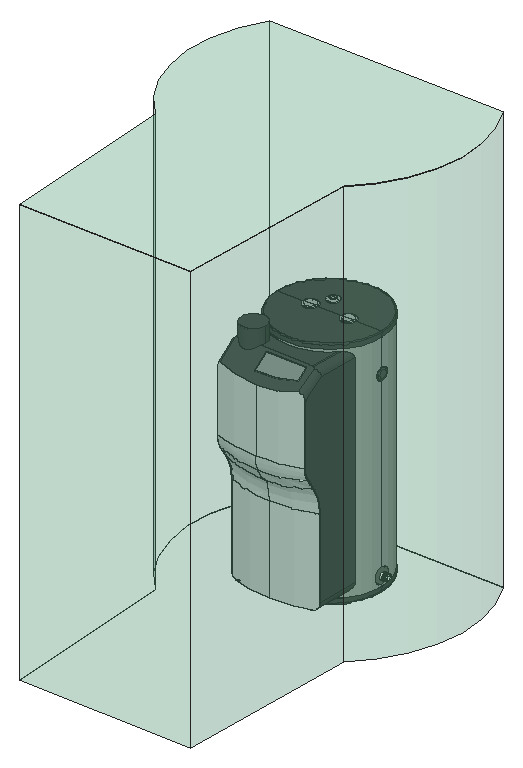
Revit family "Innovo FR_IR 12 200 FR NAT", category Mechanical Equipment, Revit 2015
Parameters (values of type "IR-12-200 FR NAT")
  largeur d'emballage = 786 mm  # constant formula
  l'Intervalle d'Entretien = "12 mois"  # constant formula
  Workspace Radius = Diameter + 170 mm  # 730 mm
  Workspace Height = Hauteur + 1000 mm  # 2270 mm
  Workspace Front Distance = 1000 mm
  Workspace [instance] = yes
  Valve Height 02 = if(and(Hauteur = 1745 mm, Diameter = 675 mm), 1518 mm, if(and(Hauteur = 1745 mm, Diameter = 610 mm), 1534 mm, if(Hauteur = 1545 mm, 1328 mm, 1070 mm)))  # 1070 mm
  Valve Height 01 = if(and(Diameter > 560 mm), 693 mm, 604 mm)  # 604 mm
  Valeur Maximale du Thermostat de Régulation = 85 °C  # constant formula
  Valeur Manimale du Thermostat de Régulation = 40 °C  # constant formula
  Valeur Défaut du Thermostat de Régulation = 65 °C  # constant formula
  URL = "www.aosmith.fr"
  Type d'Installation = "B23/C13/C33/C43/C53/C63"  # constant formula
  Type d'emballage = "Carton et bois"  # constant formula
  Tension d'Alimentation (-15%, +10%) = 230 V  # constant formula
  Température Maximale des Fumées = 61 °C
  Temps de réchauffement à ΔT = 70°C = "27"
  Temps de réchauffement à ΔT = 55°C = "21"
  Temps de réchauffement à ΔT = 50°C = "19"
  Temps de réchauffement à ΔT = 44°C = "17"
  Temps de réchauffement à ΔT = 28°C = "11"
  Spécifications du Produit = ""
  Réglages du thermostat du chauffe-eau = 65 °C  # constant formula
  Réglage Standard Pour = "G31"
  Rendement Saisonnier (Hs) = [Rendement (Hs, acc. NEN-EN 89 - 1999)]  # 95
  Rendement (Hs, acc. NEN-EN 89 - 1999) = 95
  Rendement (Hi, acc. NEN-EN 89 - 1999) = 106
  Raccord Évacuation de la Condensation = 40 mm  # constant formula
  Raccord de la Soupape de Vidange = 3/4"
  Raccord de Sortie d'Eau Chaude = 3/4"
  Raccord de Gaz = 15"  # constant formula
  Raccord d'Alimentation en Eau Froide = 3/4"  # constant formula
  Raccord Robinet de Vidange = 3/4"  # constant formula
  Puissance Électrique Absorbée (sommet) = 85 W
  Puissance Électrique Absorbée (nominal) = 36 W
  Profondeur d'emballage = 946 mm  # constant formula
  Profondeur = 780 mm  # constant formula
  Profils de soutirage déclaré = "XL"
  Production Nominale = "18700.0"
  Pression de Fonctionnement Maximale = 800000.0 Pa  # constant formula
  Pression Différentielle d'Ouverture de l'Interrupteur de Pression < = 115.0 Pa
  Pression Amont de Gaz = "3700 Pa"
  Precaustions during assembling, installation or maintenance = "voir Manuel d'installation, d'emploi er d'entretien"  # constant formula
  Poids à vide = 95 kg
  Poids de Transport = 114 kg
  Phase = 1
  Pertes en Veille - tous les jours (24h) = 0 W
  Pertes en Veille = 0 W
  Nombre de modèle du produit (EAN) = "8717449286040"
  Niveau du Son dB (A) = "<45"  # constant formula
  Niveau de puissance acoustique à l'intérieur = "52 dB"
  NOx-émissions mg/kWh = "30"
  NOx-émissions (ven air, 0% O2) ppm = "18"
  Modèdele = "IR-20-160"
  Model = "IR-20-160 FR LP"
  Marque commerciale = "A.O. Smith"  # constant formula
  Manufacturer = "A.O. Smith Water Products Company b.v."  # constant formula
  Largeur = Diameter  # 560 mm
  La commande intelligente = no
  L'efficacité énergétique pour le chauffage de l'eau (2) = "-"
  L'efficacité énergétique pour le chauffage de l'eau (1) = "92%"
  Hauteur du Raccordement au Gaz = 860 mm
  Hauteur de la Sortie d'eau Chaude = 1270 mm
  Hauteur de l'Alimentation en eau Froide = 170 mm
  Hauteur d'emballage = 1465 mm
  Hauteur Conduit d'Évacuation des Fumées = 1295 mm
  Hauteur Conduit d'Alimentation en Air = 1295 mm
  Hauteur = 1270 mm
  Guide de Produit = ""
  Garantie sur la Cuve = "36 mois"  # constant formula
  Garantie Pièces = "12 mois"  # constant formula
  Fréquence secteur = 50 Hz  # constant formula
  Forctionner qu'en heures creuses = no
  Fabricant No. = "E 7110"  # constant formula
  Epaisseur d'Isolation = 50 mm
  Débit de vidage à ΔT = 70°C après 90 min. = 410.0 L
  Débit de vidage à ΔT = 70°C après 60 min. = 290.0 L
  Débit de vidage à ΔT = 70°C après 30 min. = 170.0 L
  Débit de vidage à ΔT = 70°C après 120 min. = 520.0 L
  Débit de vidage à ΔT = 55°C après 90 min. = 540.0 L
  Débit de vidage à ΔT = 55°C après 60 min. = 390.0 L
  Débit de vidage à ΔT = 55°C après 30 min. = 240.0 L
  Débit de vidage à ΔT = 55°C après 120 min. = 700.0 L
  Débit de vidage à ΔT = 50°C après 90 min. = 600.0 L
  Débit de vidage à ΔT = 50°C après 60 min. = 440.0 L
  Débit de vidage à ΔT = 50°C après 30 min. = 270.0 L
  Débit de vidage à ΔT = 50°C après 120 min. = 770.0 L
  Débit de vidage à ΔT = 44°C après 90 min. = 690.0 L
  Débit de vidage à ΔT = 44°C après 60 min. = 510.0 L
  Débit de vidage à ΔT = 44°C après 30 min. = 320.0 L
  Débit de vidage à ΔT = 44°C après 120 min. = 880.0 L
  Débit de vidage à ΔT = 28°C après 90 min. = 1200.0 L
  Débit de vidage à ΔT = 28°C après 60 min. = 820.0 L
  Débit de vidage à ΔT = 28°C après 30 min. = 530.0 L
  Débit de vidage à ΔT = 28°C après 120 min. = 1500.0 L
  Débit de vidage en Continu à ΔT = 70°C = 240.0 L/s
  Débit de vidage en Continu à ΔT = 55°C = 300.0 L/s
  Débit de vidage en Continu à ΔT = 50°C = 330.0 L/s
  Débit de vidage en Continu à ΔT = 44°C = 380.0 L/s
  Débit de vidage en Continu à ΔT = 28°C = 590.0 L/s
  Diamètre Cheminée - Système Parallèle = "2x80"  # constant formula
  Diamètre Cheminée - Système Concentrique = "80/125 mm/mm"  # constant formula
  Diamètre Cheminée - Boiler = "80/125 mm/mm"  # constant formula
  Diameter = 560 mm
  Destination / Country = "France"  # constant formula
  Description = "Préparateur ECS Solaire en Combinaison avec Réservoir de Stockage"  # constant formula
  D'autres profils de soutirage = "-"
  Created By = "http://www.cadcompany.nl/"
  Consommation de Gaz - Volume ltr/hr = "a/p"
  Consommation de Gaz - Masse kg/h = "1.40"
  Class d'efficacité énergétique (2) = "-"
  Class d'efficacité énergétique (1) = "A"  # constant formula
  Charge Nominale (Valeur Supérieure) = "19600.0"
  Charge Nominale (Valeur Inférieure) = "18000.0"
  Charge Maximale au Sol = 274 kg
  Catégorie de Gaz = "II2Esi3P"  # constant formula
  Capacité = 160.0 L
  CO2 Émissions (tol. +/- 1.0) vol% = "10"
  CE-PIN = "0063CQ3037"  # constant formula
  BIM Content Developer = "CAD & Company"  # constant formula
  Assembly Code = "D3010"
  Annual fuel consumption (2) = "-"
  Annual fuel consumption (1) = "16 GJ GCV"
  Annual electricity consumption (2) = "-"
  Annual electricity consumption (1) = "37 kWh"
  2ème Entretien (Entretien Général) = "12 mois après l'installation"  # constant formula
  1er Entretien (check-up) = "3 mois après l'installation"  # constant formula
Reference planes
  plane 1 "Center (Front/Back)": y = 0
  plane 2: z = 0
  plane 3 "Center (Left/Right)": x = 0
  plane 4 "Pipe": through (-383.901, 912.349, 194.799) normal (-0.0879, -0.0879, 0.9923)
  plane 5 "footing": y = 118.925
  plane 6 "footing front": y = -237.85
  plane 7: x = -280
  plane 8: x = 280
  plane 9: z = 1270
Forms (mm)
  Revolve 1, solid, material "RAL 9005", detail levels medium+fine
    sketch origin (0, -237.85, 0) x (-1, 0, 0) y (0, 0, 1)
      loop
        line (0, 28.9) -> (-15, 28.9) -> (-15, 26.4) -> (-8.671, 26.4) -> (-8.671, 18) -> (-5.686, 18) -> (-6.626, 17.06) -> (-6.626, 12.06) -> (-8.671, 12.06) -> (-8.671, 10) -> (-10.031, 10) -> (-23.271, 5.181)
        arc (-23.271, 5.181) -> (-23.763, 4.836) -> (-24.017, 4.293) r 1.159
        line (-24.017, 4.293) -> (-24.017, 1.03)
        arc (-24.017, 1.03) -> (-23.715, 0.302) -> (-22.986, 0) r 1.03
        line (-22.986, 0) -> (0, 0) -> (0, 28.9)
      axis (0, 28.9) -> (0, 0)
    angle from 0 to 360
  Revolve 2, solid, material "RAL 9005", detail levels medium+fine
    sketch origin (0, 118.925, 0) x (-1, 0, 0) y (0, 0, 1)
      loop
        line (-180.984, 28.9) -> (-195.984, 28.9) -> (-195.984, 26.4) -> (-189.655, 26.4) -> (-189.655, 18) -> (-186.67, 18) -> (-187.61, 17.06) -> (-187.61, 12.06) -> (-189.655, 12.06) -> (-189.655, 10) -> (-191.015, 10) -> (-204.256, 5.181)
        arc (-204.256, 5.181) -> (-204.747, 4.836) -> (-205.001, 4.293) r 1.159
        line (-205.001, 4.293) -> (-205.001, 1.03)
        arc (-205.001, 1.03) -> (-204.699, 0.302) -> (-203.971, 0) r 1.03
        line (-203.971, 0) -> (-180.984, 0) -> (-180.984, 28.9)
      axis (-180.984, 28.9) -> (-180.984, 0)
    angle from 0 to 360
  Revolve 3, solid, material "RAL 9005", detail levels medium+fine
    sketch origin (0, 118.925, 0) x (-1, 0, 0) y (0, 0, 1)
      loop
        line (179.016, 28.9) -> (164.016, 28.9) -> (164.016, 26.4) -> (170.345, 26.4) -> (170.345, 18) -> (173.33, 18) -> (172.39, 17.06) -> (172.39, 12.06) -> (170.345, 12.06) -> (170.345, 10) -> (168.985, 10) -> (155.744, 5.181)
        arc (155.744, 5.181) -> (155.253, 4.836) -> (154.999, 4.293) r 1.159
        line (154.999, 4.293) -> (154.999, 1.03)
        arc (154.999, 1.03) -> (155.301, 0.302) -> (156.029, 0) r 1.03
        line (156.029, 0) -> (179.016, 0) -> (179.016, 28.9)
      axis (179.016, 28.9) -> (179.016, 0)
    angle from 0 to 360
Lines and regions (mm)
  symbolic lines
    curve 1: line (0, 280.06, 0) -> (0, -280.06, 0)
    curve 2: line (-255.06, 0, 0) -> (255.06, 0, 0)
  symbolic lines, style "Workspace"
    curve 3: line (623.261, 380.06, 0) -> (-623.261, 380.06, 0)
    curve 4: arc (-623.261, 380.06, 0) -> (-726.942, -66.745, 0) -> (-543.632, -487.2, 0) r 730
    curve 5: line (-543.632, -487.2, 0) -> (-396.783, -1492.825, 0)
    curve 6: line (-396.783, -1492.825, 0) -> (399.03, -1492.825, 0)
    curve 7: line (399.03, -1492.825, 0) -> (545.76, -484.816, 0)
    curve 8: arc (545.76, -484.816, 0) -> (727.087, -65.154, 0) -> (623.261, 380.06, 0) r 730
Dimensions and locks
  plane 5 "footing" to plane 1 "Center (Front/Back)" = 118.925 mm
  plane 1 "Center (Front/Back)" to plane 6 "footing front" = 237.85 mm
  "Diameter": plane 7 to plane 8
  equal spacing: plane 7, plane 3 "Center (Left/Right)", plane 8
  "Hauteur": plane 9 to plane 2
  "Workspace Front Distance": curve 6 to nested 3
  "Workspace Radius": radius of curve 4
  "Workspace Radius": radius of curve 8
  aligned and locked: level to plane 2
  aligned and locked: nested 3 to Revolve 1 sketch curve
  aligned and locked: plane 3 "Center (Left/Right)" to Revolve 1 sketch curve
  aligned and locked: nested 3 to plane 1 "Center (Front/Back)"
  aligned and locked: plane 3 "Center (Left/Right)" to nested 3
  aligned and locked: nested 1 to plane 8
  aligned and locked: nested 5 to plane 8
  aligned and locked: nested 2 to plane 7
  aligned and locked: nested 4 to plane 7
  aligned and locked: nested 7 to plane 7
  aligned and locked: nested 8 to plane 3 "Center (Left/Right)"
  aligned and locked: nested 8 to nested 3
  aligned and locked: curve 3 to nested 8
Automatic sketch dimensions
  Revolve 1 sketch curve to level = 0 mm
  plane 3 "Center (Left/Right)" to Revolve 1 sketch curve = 5.686 mm
  Revolve 1 sketch curve to Revolve 1 sketch curve = 0.94 mm  (x2)
  Revolve 1 sketch curve to Revolve 1 sketch curve = 2.046 mm  (x2)
  Revolve 1 sketch curve to Revolve 1 sketch curve = 1.359 mm
  Revolve 1 sketch curve to Revolve 1 sketch curve = 6.329 mm
  level to Revolve 1 sketch curve = 4.091 mm
  Revolve 1 sketch curve to Revolve 1 sketch curve = 12.844 mm
  level to Revolve 1 sketch curve = 1.03 mm
  Revolve 1 sketch curve to Revolve 1 sketch curve = 0.111 mm
  level to Revolve 1 sketch curve = 5.181 mm
  Revolve 1 sketch curve to Revolve 1 sketch curve = 0.745 mm
  level to Revolve 1 sketch curve = 10 mm
  Revolve 1 sketch curve to Revolve 1 sketch curve = 2.06 mm
  Revolve 1 sketch curve to Revolve 1 sketch curve = 5 mm
  Revolve 1 sketch curve to Revolve 1 sketch curve = 8.4 mm
  Revolve 1 sketch curve to Revolve 1 sketch curve = 2.5 mm
  Revolve 1 sketch curve to level = 19.635 mm
  Revolve 1 sketch curve to Revolve 1 sketch curve = 46.465 mm
  Revolve 2 sketch curve to level = 0 mm
  level to Revolve 2 sketch curve = 1.03 mm
  Revolve 2 sketch curve to plane 8 = 74.999 mm
  level to Revolve 2 sketch curve = 5.181 mm
  Revolve 2 sketch curve to Revolve 2 sketch curve = 0.745 mm
  Revolve 2 sketch curve to Revolve 2 sketch curve = 0.397 mm
  Revolve 2 sketch curve to Revolve 2 sketch curve = 8.271 mm
  Revolve 2 sketch curve to Revolve 2 sketch curve = 13.241 mm
  Revolve 2 sketch curve to Revolve 2 sketch curve = 1.359 mm
  Revolve 2 sketch curve to Revolve 2 sketch curve = 6.329 mm
  Revolve 2 sketch curve to Revolve 2 sketch curve = 2.046 mm
  level to Revolve 2 sketch curve = 18 mm
  Revolve 2 sketch curve to Revolve 2 sketch curve = 0.94 mm  (x2)
  Revolve 2 sketch curve to Revolve 2 sketch curve = 8.671 mm
  Revolve 2 sketch curve to Revolve 2 sketch curve = 1.089 mm
  Revolve 2 sketch curve to Revolve 2 sketch curve = 8 mm
  Revolve 2 sketch curve to Revolve 2 sketch curve = 2.06 mm
  Revolve 2 sketch curve to Revolve 2 sketch curve = 8.4 mm
  Revolve 2 sketch curve to Revolve 2 sketch curve = 2.5 mm
  Revolve 2 sketch curve to Revolve 2 sketch curve = 0 mm
  Revolve 2 sketch curve to level = 19.635 mm
  Revolve 2 sketch curve to Revolve 2 sketch curve = 46.465 mm
  Revolve 3 sketch curve to level = 0 mm
  level to Revolve 3 sketch curve = 1.03 mm
  Revolve 3 sketch curve to plane 7 = 125.001 mm
  level to Revolve 3 sketch curve = 5.181 mm
  Revolve 3 sketch curve to Revolve 3 sketch curve = 0.745 mm
  Revolve 3 sketch curve to Revolve 3 sketch curve = 0.397 mm
  Revolve 3 sketch curve to Revolve 3 sketch curve = 8.271 mm
  Revolve 3 sketch curve to Revolve 3 sketch curve = 13.241 mm
  Revolve 3 sketch curve to Revolve 3 sketch curve = 1.359 mm
  Revolve 3 sketch curve to Revolve 3 sketch curve = 6.329 mm
  Revolve 3 sketch curve to Revolve 3 sketch curve = 2.046 mm
  level to Revolve 3 sketch curve = 18 mm
  Revolve 3 sketch curve to Revolve 3 sketch curve = 0.94 mm  (x2)
  Revolve 3 sketch curve to Revolve 3 sketch curve = 8.671 mm
  Revolve 3 sketch curve to Revolve 3 sketch curve = 1.089 mm
  Revolve 3 sketch curve to Revolve 3 sketch curve = 8 mm
  Revolve 3 sketch curve to Revolve 3 sketch curve = 2.06 mm
  Revolve 3 sketch curve to Revolve 3 sketch curve = 8.4 mm
  Revolve 3 sketch curve to Revolve 3 sketch curve = 2.5 mm
  Revolve 3 sketch curve to Revolve 3 sketch curve = 0 mm
  Revolve 3 sketch curve to level = 19.635 mm
  Revolve 3 sketch curve to Revolve 3 sketch curve = 46.465 mm
  curve 4 to curve 8 = 0 mm  (x2)
  plane 1 "Center (Front/Back)" to curve 2 = 0 mm
  curve 1 to plane 3 "Center (Left/Right)" = 0 mm
  plane 1 "Center (Front/Back)" to curve 4 = 0 mm
  curve 4 to plane 3 "Center (Left/Right)" = 0 mm
  curve 5 to plane 6 "footing front" = 249.35 mm
  plane 7 to curve 5 = 116.783 mm
  plane 8 to curve 7 = 119.03 mm
  curve 7 to plane 6 "footing front" = 246.966 mm
  curve 2 to plane 7 = 24.94 mm
  curve 2 to plane 8 = 24.94 mm
  curve 1 to plane 6 "footing front" = 42.21 mm
  plane 5 "footing" to curve 1 = 161.135 mm
Nested families
  nested 1: "Valve" at (280, -0.38, 1070) x (0, 1, 0) z (0, 0, 1), built-in parameter 1001364 <- "Valve Height 02", type "Valve"
  nested 2: "Drain Valve" at (-280, 0, 1070), built-in parameter 1001364 <- "Valve Height 02", type "Drain Valve"
  nested 3: "Housing Mother Housing S 57 (external)" at (0, -274.886, 0), type "Housing Mother_Housing S_57"
  nested 4: "Drain Valve" at (-280, 0, 177), type "Drain Valve"
  nested 5: "Drain Valve" at (280, 0, 107) x (-1, 0, 0) z (0, 0, 1), type "Drain Valve"
  nested 6: "Boiler" at (0, 0, 0), height <- "Hauteur", type "Boiler"
    with height 1270 mm
  nested 7: "Drain Valve" at (-280, 0, 604), built-in parameter 1001364 <- "Valve Height 01", type "Drain Valve"
  nested 8: "Innovo_workspace" at (0, 0, 0), Workspace Distance Front <- "Workspace Front Distance", Workspace <- "Workspace", Workspace Height <- "Workspace Height", Workspace Radius <- "Workspace Radius", type "Workspace"
    with Workspace Radius 730 mm, Workspace Height 2270 mm, Workspace Distance Front 1000 mm, Workspace yes, Center to Front 492.825 mm
Connectors
  piping at (314.826, 0, 107), diameter 19.05, driven by "Raccord Robinet de Vidange"
    settings: on nested 5, index 1, connector inside diameter 24", connector length 0 mm, flow factor 0, pipe flow 0.0 L/s, pressure drop 0.0 Pa, fitting loss kfactor 0, connector angle 0.00°, fixture units 0, engagement length 0 mm, angle of deflection 0.00°, flow configuration 0, flow direction 0, fitting loss method 0, system type 19, joint type 0, gender type 0, connector reference index -1, connector utility 0, adjustable connector no, is connector primary yes, connector description ""
  hvac at (-147.013, -321.326, 1310.674)
    settings: on nested 3, index 2, duct flow 0.0 L/s, flow factor 0, pres drop 0.0 Pa, loss coef 0, conn angle 0.00°, conn width 304.8 mm, conn height 304.8 mm, conn diameter 125 mm, duct sys type 4, conn prof type 0, flow config 0, flow direction 0, loss method 0, conn ref index -1, conn util no, is conn primary yes, conn desc ""
Definition of nested family "Valve"
  Parameters (values of type "Valve")
    Type Comments = "T&P valve (internal)"
    Manufacturer = "A.O. Smith"
  Reference planes
    plane 1 "Center (Front/Back)": y = 0
    plane 2: z = 0
    plane 3 "Center (Left/Right)": x = 0
  Forms (mm)
    Extrusion 1, solid, detail levels fine
      sketch origin (0, 0, 0) x (1, 0, 0) y (0, 0, 1)
        loop
          circle (0, 0) r 31.5
      from -2.271 to 1.4
    Sweep 2, solid, detail levels fine
      path origin (0, -1.4, 0) x (1, 0, 0) y (0, 0, 1)
        loop
          circle (0, 0) r 31.5
      profile origin (0, -1.4, 31.5) x (0, 0, -1) y (0, -1, 0)
        loop
          line (7.3, 0) -> (7.3, 3) -> (0, 0) -> (7.3, 0)
  Dimensions and locks
    aligned and locked: level to plane 2
Definition of nested family "Drain Valve"
  Reference planes
    plane 1 "Center (Front/Back)": y = 0
    plane 2: z = 0
    plane 3 "Center (Left/Right)": x = 0
  Forms (mm)
    Revolve 1, solid, detail levels medium+fine
      sketch origin (0, 0, 0) x (1, 0, 0) y (0, 0, 1)
        loop
          line (-33.442, 15.696) -> (-34.826, 14.329) -> (-34.93, 12.731) -> (-16.555, 12.731) -> (-16.555, 0) -> (15.787, 0) -> (15.787, 18.3) -> (-14.4, 18.3) -> (-17.148, 15.533) -> (-18.729, 16.697) -> (-20.091, 15.333) -> (-21.672, 16.496) -> (-23.034, 15.133) -> (-24.614, 16.296) -> (-25.976, 14.932) -> (-27.557, 16.096) -> (-28.919, 14.732) -> (-30.5, 15.896) -> (-31.862, 14.532) -> (-33.442, 15.696)
        axis (-34.93, 0) -> (15.787, 0)
      angle from 0 to 360
  Dimensions and locks
    aligned and locked: level to plane 2
  Nested families
    nested 1: "Rubber sealing" at (2.592, -0.155, 0) x (0.0023, -1, 0) z (0, 0, 1), type "Rubber sealing", detail levels fine
  Definition of nested family "Rubber sealing"
    Reference planes
      plane 1 "Center (Front/Back)": y = 0
      plane 2: z = 0
      plane 3 "Center (Left/Right)": x = 0
    Forms (mm)
      Extrusion 1, solid, detail levels fine
        sketch origin (141.861, 319.581, 0) x (1, 0, 0) y (0, 1, 0)
          loop
            line (-216.354, -311.898) -> (-216.354, -313.94)
            arc (-216.354, -313.94) -> (-141.602, -321.581) -> (-66.861, -313.835) r 366.966
            line (-66.861, -313.835) -> (-66.861, -311.791)
            arc (-66.861, -311.791) -> (-141.602, -319.581) -> (-216.354, -311.898) r 364.966
        from -80 to 80
      Extrusion 2, void
        sketch origin (141.861, 319.581, 0) x (1, 0, 0) y (0, 0, 1)
          loop
            circle (-141.861, 0) r 13
          loop
            circle (-141.861, 0) r 110
          loop
            circle (-141.861, 0) r 40
        from 311.563 to 332.684
      Extrusion 3, void
        sketch origin (141.861, 319.581, 0) x (1, 0, 0) y (0, 0, 1)
          loop
            circle (-141.861, 0) r 18.25
        from 315.524 to 326.084
    Cuts and joins
      Extrusion 2, Extrusion 3 cuts Extrusion 1
    Dimensions and locks
      aligned and locked: level to plane 2
Definition of nested family "Housing Mother Housing S 57 (external)"
  Parameters (values of type "Housing Mother_Housing S_57")
    radius [instance] = 280 mm
    distance to boiler center = if(diameter = 675 mm, 189 mm, if(diameter = 610 mm, 154 mm, 129 mm))  # 129 mm
    diameter = 560 mm
  Reference planes
    plane 1 "Center (Front/Back)": y = 0
    plane 2: z = 0
    plane 3 "Center (Left/Right)": x = 0
    plane 4 "left": through (-245.286, 145.886, 1200) normal (0.9994, 0.0349, 0)
    plane 5: y = -217.939
    plane 6: y = 145.886
    plane 7: z = 1232.6
    plane 8: z = 65.89
    plane 9 "right": through (245.286, 145.886, 1200) normal (0.9994, -0.0349, 0)
    plane 10 "display": through (0, -90.37, 1221.196) normal (0, -0.5736, 0.8192)
    plane 11 "Potentiostat": z = 867.899
    plane 12 "boiler center": y = 274.886
    plane 13: x = -280
    plane 14: x = 280
  Forms (mm)
    Extrusion 1, solid
      sketch origin (0, 0, 0) x (1, 0, 0) y (0, 1, 0)
        loop
          line (-245.286, 145.886) -> (-232.581, -217.939) -> (232.581, -217.939) -> (245.286, 145.886)
          arc (245.286, 145.886) -> (0, 0.923) -> (-245.286, 145.886) r 280
      from 0 to 1232.6
    Sweep 2, void
      path origin (0, 0, 0) x (0, 1, 0) y (0, 0, 1)
        loop
          line (-217.939, 1232.6) -> (-217.939, 795.555)
          arc (-217.939, 795.555) -> (-212.387, 754.285) -> (-197.694, 715.322) r 183.924
          arc (-197.694, 715.322) -> (-179.915, 684.628) -> (-159.106, 655.901) r 348.284
          arc (-159.106, 655.901) -> (-131.411, 600.328) -> (-121.88, 538.973) r 202.254
          line (-121.88, 538.973) -> (-121.88, 61.106)
      profile origin (0, -217.939, 1014.077) x (1, 0, 0) y (0, 1, 0)
        loop
          arc (0, 0) -> (-117.533, 9.941) -> (-231.728, 39.475) r 699.984
          arc (-231.728, 39.475) -> (-233.391, 40.705) -> (-234.07, 42.659) r 3.505
          line (-234.07, 42.659) -> (-254.062, 42.659) -> (-254.062, -142.593) -> (254.07, -142.593) -> (254.07, 42.659) -> (234.07, 42.659)
          arc (234.07, 42.659) -> (233.391, 40.705) -> (231.728, 39.475) r 3.505
          arc (231.728, 39.475) -> (117.533, 9.941) -> (0, 0) r 699.984
    Extrusion 3, void
      sketch origin (0, 0, 0) x (0, 1, 0) y (0, 0, 1)
        loop
          arc (102.864, 70.869) -> (99.804, 70.709) -> (96.874, 69.813) r 12.57
          arc (96.874, 69.813) -> (87.878, 66.533) -> (78.516, 64.529) r 69.114
          arc (78.516, 64.529) -> (76.41, 64.284) -> (74.294, 64.148) r 41.206
          arc (74.294, 64.148) -> (65.203, 64.335) -> (56.122, 64.782) r 318.661
          arc (56.122, 64.782) -> (30.585, 66.179) -> (5.028, 67.128) r 1456.581
          line (5.028, 67.128) -> (-84.534, 73.135)
          arc (-84.534, 73.135) -> (-86.363, 73.808) -> (-87.536, 75.365) r 3.455
          line (-87.536, 75.365) -> (-264.473, 75.365) -> (-264.473, 0) -> (160.886, 0) -> (160.886, 103.945) -> (145.886, 103.945)
          arc (145.886, 103.945) -> (145.104, 97.827) -> (142.923, 92.059) r 26.364
          arc (142.923, 92.059) -> (141.067, 88.936) -> (138.867, 86.045) r 31.715
          arc (138.867, 86.045) -> (135.576, 82.49) -> (132.021, 79.2) r 62.615
          arc (132.021, 79.2) -> (125.841, 74.697) -> (119.091, 71.103) r 54.444
          arc (119.091, 71.103) -> (116.371, 70.272) -> (113.531, 70.123) r 11.669
          line (113.531, 70.123) -> (102.864, 70.869)
      from -254.062 to 254.07
    Sweep 4, void
      path origin (0, 0, 0) x (1, 0, 0) y (0, 1, 0)
        loop
          line (-245.286, 145.886) -> (-232.581, -217.939)
      profile origin (-238.933, -36.027, 0) x (0.999391, 0.034899, 0) y (0, 0, 1)
        loop
          line (-4.454, 0) -> (47.084, 0) -> (47.084, 73.431)
          arc (47.084, 73.431) -> (14.222, 85.134) -> (0.255, 117.1) r 43.922
          line (0.255, 117.1) -> (-4.454, 117.1) -> (-4.454, 0)
    Sweep 5, void
      path origin (0, 0, 0) x (-1, 0, 0) y (0, 1, 0)
        loop
          line (-245.286, 145.886) -> (-232.581, -217.939)
      profile origin (238.933, -36.027, 0) x (0.999391, -0.034899, 0) y (0, 0, 1)
        loop
          line (4.454, 0) -> (4.454, 117.1) -> (-0.255, 117.1)
          arc (-0.255, 117.1) -> (-14.222, 85.134) -> (-47.084, 73.431) r 43.922
          line (-47.084, 73.431) -> (-47.084, 0) -> (4.454, 0)
    Sweep 6, void
      path origin (-239.899, -8.377, 0) x (-0.034899, 0.999391, 0) y (0, 0, 1)
        loop
          line (-209.69, 1141.272) -> (-79.18, 1232.6) -> (154.358, 1232.6)
      profile origin (-241.211, 29.188, 1232.6) x (0, 0, 1) y (0.999391, 0.034899, 0)
        loop
          line (-45, -30) -> (75, -30) -> (75, 0) -> (75, 55) -> (2.799, 55) -> (-1.253, 35.128)
          arc (-1.253, 35.128) -> (-16.771, 9.564) -> (-45, -0.308) r 44.287
          line (-45, -0.308) -> (-45, -30)
    Sweep 7, void
      path origin (239.899, -8.377, 0) x (0.034899, 0.999391, 0) y (0, 0, 1)
        loop
          line (-209.69, 1141.272) -> (-79.18, 1232.6) -> (154.358, 1232.6)
      profile origin (241.211, 29.188, 1232.6) x (0, 0, -1) y (-0.999391, 0.034899, 0)
        loop
          line (-75, -25) -> (45, -25) -> (45, -0.308)
          arc (45, -0.308) -> (16.771, 9.564) -> (1.253, 35.128) r 44.287
          line (1.253, 35.128) -> (-2.799, 55) -> (-75, 55) -> (-75, -25)
    Extrusion 8, void
      sketch origin (0, 0, 0) x (0, 1, 0) y (0, 0, 1)
        loop
          line (-270, 1336.099) -> (-270, 1099.081) -> (68.497, 1336.099) -> (-270, 1336.099)
      from -425.038 to 444.42
    Extrusion 9, solid, detail levels medium+fine
      sketch origin (0, 0, 0) x (1, 0, 0) y (0, 1, 0)
        loop
          circle (-147.013, -46.44) r 65
      from 1163.174 to 1310.674
    Extrusion 10, void
      sketch origin (0, -603.506, 861.895) x (0, 0.819152, 0.573576) y (-1, 0, 0)
        loop
          arc (618.322, -173) -> (623.272, -170.95) -> (625.322, -166) r 7
          line (625.322, -166) -> (625.322, 35)
          arc (625.322, 35) -> (623.272, 39.95) -> (618.322, 42) r 7
          line (618.322, 42) -> (535.473, 42)
          arc (535.473, 42) -> (530.688, 40.11) -> (528.488, 35.46) r 7
          arc (528.488, 35.46) -> (531.569, -67.592) -> (554.18, -168.18) r 540
          arc (554.18, -168.18) -> (556.724, -171.668) -> (560.831, -173) r 7
          line (560.831, -173) -> (618.322, -173)
      from 0 to 137.286
    Sweep 11, solid, detail levels fine
      path origin (0, 0, 867.899) x (-1, 0, 0) y (0, -1, 0)
        loop
          line (309.749, -35.617) -> (204.371, -35.617)
          arc (204.371, -35.617) -> (196.509, -34.687) -> (189.082, -31.947) r 33.677
          line (189.082, -31.947) -> (-9.574, 69.274)
      profile origin (-257.06, 35.617, 867.899) x (0, 1, 0) y (0, 0, 1)
        loop
          circle (0, 0) r 7.316
        loop
          circle (0, 0) r 6.465
    Revolve 12, void
      sketch origin (0, 274.886, 0) x (-1, 0, 0) y (0, 0, 1)
        loop
          line (280, 1243.838) -> (0, 1243.838) -> (0, 54.9) -> (280, 54.9) -> (280, 1243.838)
        axis (0, 1243.838) -> (0, 54.9)
      angle from 0 to 360
  Cuts and joins
    Sweep 2, Extrusion 3, Sweep 4, Sweep 5, Sweep 6, Sweep 7, Extrusion 8, Extrusion 10, Revolve 12 cuts Extrusion 1
  Dimensions and locks
    plane 8 to plane 2 = 65.89 mm
    plane 7 to plane 8 = 1166.71 mm
    "distance to boiler center": plane 12 "boiler center" to plane 6
    "diameter": plane 14 to plane 13
    equal spacing: plane 14, plane 3 "Center (Left/Right)", plane 13
    "radius": plane 3 "Center (Left/Right)" to plane 13
    aligned and locked: level to plane 2
    aligned and locked: Extrusion 1 to plane 7
    aligned and locked: Extrusion 1 sketch curve to plane 5
    aligned and locked: Sweep 2 to Extrusion 3
    aligned and locked: Extrusion 3 to Sweep 2  (x2)
    aligned and locked: plane 7 to Sweep 2 sketch curve
    aligned and locked: plane 3 "Center (Left/Right)" to Revolve 12 sketch curve
    aligned and locked: Revolve 12 sketch curve to plane 3 "Center (Left/Right)"
    aligned and locked: plane 13 to Revolve 12 sketch curve
  Automatic sketch dimensions
    Extrusion 1 sketch curve to plane 4 "left" = 0 mm  (x2)
    Extrusion 1 sketch curve to plane 6 = 0 mm  (x2)
    Extrusion 1 sketch curve to plane 3 "Center (Left/Right)" = 0 mm
    Extrusion 1 sketch curve to plane 9 "right" = 0 mm
    plane 6 to Extrusion 1 sketch curve = 135.037 mm
    Sweep 2 sketch curve to plane 5 = 0 mm
    plane 5 to Sweep 2 sketch curve = 106.195 mm
    Sweep 2 sketch curve to plane 5 = 96.059 mm
    plane 1 "Center (Front/Back)" to Sweep 2 sketch curve = 34.053 mm
    plane 11 "Potentiostat" to Sweep 2 sketch curve = 6.417 mm
    Sweep 2 sketch curve to plane 6 = 33.705 mm
    Sweep 2 sketch curve to plane 11 "Potentiostat" = 68.615 mm
    Sweep 2 sketch curve to plane 11 "Potentiostat" = 72.345 mm
    Sweep 2 sketch curve to Sweep 2 sketch curve = 176.349 mm
    Sweep 2 sketch curve to Sweep 2 sketch curve = 0 mm  (x2)
    plane 8 to Sweep 2 sketch curve = 4.784 mm
    Extrusion 3 sketch curve to level = 0 mm
    Extrusion 3 sketch curve to plane 6 = 0 mm
    Extrusion 3 sketch curve to plane 6 = 26.363 mm
    Extrusion 3 sketch curve to Extrusion 3 sketch curve = 4.75 mm
    Extrusion 3 sketch curve to Extrusion 3 sketch curve = 5.179 mm
    Extrusion 3 sketch curve to plane 8 = 4.232 mm
    Extrusion 3 sketch curve to Extrusion 3 sketch curve = 0.814 mm
    Extrusion 3 sketch curve to plane 8 = 4.978 mm
    Extrusion 3 sketch curve to Extrusion 3 sketch curve = 10.667 mm
    Extrusion 3 sketch curve to Extrusion 3 sketch curve = 0.877 mm
    Extrusion 3 sketch curve to Extrusion 3 sketch curve = 17.827 mm
    Extrusion 3 sketch curve to Extrusion 3 sketch curve = 5.646 mm
    Extrusion 3 sketch curve to plane 6 = 69.562 mm
    Extrusion 3 sketch curve to Extrusion 3 sketch curve = 18.6 mm
    Extrusion 3 sketch curve to Extrusion 3 sketch curve = 22.538 mm
    Extrusion 3 sketch curve to plane 8 = 1.238 mm
    Extrusion 3 sketch curve to plane 1 "Center (Front/Back)" = 5.028 mm
    plane 1 "Center (Front/Back)" to Extrusion 3 sketch curve = 36.224 mm
    Extrusion 3 sketch curve to plane 8 = 10.692 mm
    plane 1 "Center (Front/Back)" to Extrusion 3 sketch curve = 84.302 mm
    Extrusion 3 sketch curve to plane 8 = 7.244 mm
    Extrusion 3 sketch curve to Extrusion 3 sketch curve = 0.231 mm
    Extrusion 3 sketch curve to Extrusion 3 sketch curve = 3.234 mm
    plane 5 to Extrusion 3 sketch curve = 46.534 mm
    plane 6 to Extrusion 3 sketch curve = 15 mm
    Extrusion 3 sketch curve to level = 1388.869 mm
    plane 8 to Extrusion 3 sketch curve = 7.561 mm
    Extrusion 3 sketch curve to Extrusion 3 sketch curve = 11.64 mm
    Extrusion 3 sketch curve to plane 8 = 38.054 mm
    Extrusion 3 sketch curve to Extrusion 3 sketch curve = 22.442 mm
    Extrusion 3 sketch curve to plane 8 = 39.432 mm
    Extrusion 3 sketch curve to Extrusion 3 sketch curve = 2.466 mm
    Extrusion 3 sketch curve to Extrusion 3 sketch curve = 14.17 mm
    Extrusion 3 sketch curve to Extrusion 3 sketch curve = 5.925 mm
    Extrusion 3 sketch curve to Extrusion 3 sketch curve = 6.186 mm
    Extrusion 3 sketch curve to Extrusion 3 sketch curve = 249.85 mm
    Extrusion 3 sketch curve to Extrusion 3 sketch curve = 0 mm  (x4)
    Extrusion 3 sketch curve to Extrusion 3 sketch curve = 6.845 mm
    plane 8 to Extrusion 3 sketch curve = 1.743 mm
    Sweep 4 sketch curve to plane 4 "left" = 0 mm  (x2)
    Sweep 4 sketch curve to plane 6 = 0 mm
    plane 5 to Sweep 4 sketch curve = 0 mm
    Sweep 4 sketch curve to level = 0 mm
    profile plane to Sweep 4 sketch curve = 4.454 mm
    Sweep 4 sketch curve to profile plane = 0.255 mm
    Sweep 4 sketch curve to Sweep 4 sketch curve = 43.922 mm
    Sweep 4 sketch curve to profile plane = 47.084 mm
    level to Sweep 4 sketch curve = 73.431 mm
    Sweep 4 sketch curve to Sweep 4 sketch curve = 43.669 mm
    Sweep 5 sketch curve to plane 6 = 0 mm
    Sweep 5 sketch curve to plane 9 "right" = 0 mm  (x2)
    plane 5 to Sweep 5 sketch curve = 0 mm
    Sweep 5 sketch curve to level = 0 mm
    profile plane to Sweep 5 sketch curve = 47.084 mm
    Sweep 5 sketch curve to Sweep 5 sketch curve = 2.907 mm
    profile plane to Sweep 5 sketch curve = 0.255 mm
    Sweep 5 sketch curve to profile plane = 4.454 mm
    level to Sweep 5 sketch curve = 73.431 mm
    Sweep 5 sketch curve to Sweep 5 sketch curve = 43.669 mm
    Sweep 6 sketch curve to plane 7 = 0 mm
    plane 7 to Sweep 6 sketch curve = 91.328 mm
    Sweep 6 sketch curve to Sweep 6 sketch curve = 130.509 mm
    Sweep 6 sketch curve to Sweep 6 sketch curve = 233.538 mm
    Sweep 6 sketch curve to plane 4 "left" = 0 mm
    profile plane to Sweep 6 sketch curve = 45 mm
    Sweep 6 sketch curve to Sweep 6 sketch curve = 0.354 mm
    profile plane to Sweep 6 sketch curve = 1.253 mm
    Sweep 6 sketch curve to profile plane = 2.799 mm
    Sweep 6 sketch curve to Sweep 6 sketch curve = 72.201 mm
    Sweep 6 sketch curve to plane 4 "left" = 0.308 mm
    Sweep 6 sketch curve to Sweep 6 sketch curve = 29.692 mm
    plane 4 "left" to Sweep 6 sketch curve = 35.128 mm
    plane 4 "left" to Sweep 6 sketch curve = 55 mm
    Sweep 7 sketch curve to plane 7 = 0 mm
    Sweep 7 sketch curve to plane 7 = 91.328 mm
    Sweep 7 sketch curve to Sweep 7 sketch curve = 130.509 mm
    Sweep 7 sketch curve to Sweep 7 sketch curve = 233.538 mm
    Sweep 7 sketch curve to plane 9 "right" = 25 mm
    profile plane to Sweep 7 sketch curve = 75 mm
    profile plane to Sweep 7 sketch curve = 2.799 mm
    Sweep 7 sketch curve to profile plane = 1.253 mm
    Sweep 7 sketch curve to Sweep 7 sketch curve = 43.393 mm
    Sweep 7 sketch curve to profile plane = 45 mm
    Sweep 7 sketch curve to plane 9 "right" = 0.308 mm
    plane 9 "right" to Sweep 7 sketch curve = 35.128 mm
    Sweep 7 sketch curve to Sweep 7 sketch curve = 19.872 mm
    plane 5 to Extrusion 8 sketch curve = 52.061 mm
    Extrusion 8 sketch curve to plane 1 "Center (Front/Back)" = 68.497 mm
    plane 7 to Extrusion 8 sketch curve = 133.519 mm
    Extrusion 8 sketch curve to plane 7 = 103.499 mm
    plane 1 "Center (Front/Back)" to Extrusion 9 sketch curve = 46.44 mm
    Extrusion 9 sketch curve to plane 3 "Center (Left/Right)" = 147.013 mm
    Extrusion 10 sketch curve to plane 3 "Center (Left/Right)" = 0 mm
    Extrusion 10 sketch curve to plane 3 "Center (Left/Right)" = 35 mm
    Extrusion 10 sketch curve to Extrusion 10 sketch curve = 25.359 mm
    Extrusion 10 sketch curve to Extrusion 10 sketch curve = 57.491 mm
    Extrusion 10 sketch curve to plane 3 "Center (Left/Right)" = 42 mm
    Extrusion 10 sketch curve to Extrusion 10 sketch curve = 82.85 mm
    Extrusion 10 sketch curve to Extrusion 10 sketch curve = 7 mm
    Extrusion 10 sketch curve to Extrusion 10 sketch curve = 442 mm
    plane 3 "Center (Left/Right)" to Extrusion 10 sketch curve = 166 mm
    Extrusion 10 sketch curve to Extrusion 10 sketch curve = 0 mm  (x2)
    Sweep 11 sketch curve to plane 1 "Center (Front/Back)" = 31.947 mm
    Sweep 11 sketch curve to plane 3 "Center (Left/Right)" = 189.082 mm
    Sweep 11 sketch curve to plane 1 "Center (Front/Back)" = 1.94 mm
    Sweep 11 sketch curve to Sweep 11 sketch curve = 15.289 mm
    plane 3 "Center (Left/Right)" to Sweep 11 sketch curve = 9.574 mm
    Sweep 11 sketch curve to Sweep 11 sketch curve = 105.378 mm
    plane 1 "Center (Front/Back)" to Sweep 11 sketch curve = 69.274 mm
    Sweep 11 sketch curve to Sweep 11 sketch curve = 0 mm  (x2)
    Sweep 11 sketch curve to plane 11 "Potentiostat" = 0 mm
    Sweep 11 sketch curve to profile plane = 0 mm
    plane 8 to Revolve 12 sketch curve = 10.99 mm
    Revolve 12 sketch curve to plane 7 = 11.238 mm
    Revolve 12 sketch curve to level = 366.045 mm
    Revolve 12 sketch curve to Revolve 12 sketch curve = 971.917 mm
    Sweep 2 sketch curve to plane 3 "Center (Left/Right)" = 0 mm
    profile plane to Sweep 2 sketch curve = 0 mm
    Sweep 2 sketch curve to plane 3 "Center (Left/Right)" = 0.016 mm
    Sweep 2 sketch curve to profile plane = 42.782 mm  (x2)
    Sweep 2 sketch curve to plane 3 "Center (Left/Right)" = 230.568 mm
    plane 3 "Center (Left/Right)" to Sweep 2 sketch curve = 0.016 mm
    plane 3 "Center (Left/Right)" to Sweep 2 sketch curve = 230.568 mm
    Sweep 2 sketch curve to Sweep 2 sketch curve = 3.502 mm  (x2)
    Sweep 2 sketch curve to Sweep 2 sketch curve = 20 mm
    profile plane to Sweep 2 sketch curve = 142.593 mm
    Sweep 2 sketch curve to Sweep 2 sketch curve = 0.122 mm  (x2)
    Sweep 2 sketch curve to Sweep 2 sketch curve = 657.203 mm
    Sweep 2 sketch curve to Sweep 2 sketch curve = 19.991 mm
    radius of Extrusion 9 sketch curve = 65 mm
    radius of Sweep 11 sketch curve = 7.316 mm
    radius of Sweep 11 sketch curve = 6.465 mm
  Nested families
    nested 1: "display" at (65.5, -130.939, 1192.79) x (-1, 0, 0) z (0, -0.5736, 0.8192), type "display"
  Definition of nested family "display"
    Parameters (values of type "display")
      Default Elevation = 1219.2 mm
    Reference planes
      plane 1 "Center (Front/Back)": y = 0
      plane 2: z = 0
      plane 3 "Center (Left/Right)": x = 0
    Forms (mm)
      Extrusion 1, solid, detail levels medium+fine
        sketch origin (-16.958, 11.842, -343.878) x (1, 0, 0) y (0, 0, -1)
          loop
            line (-233.523, -343.878) -> (-233.523, -346.592) -> (332.686, -346.592) -> (332.686, -343.878) -> (-233.523, -343.878)
        from -228.7 to 150.822
      Extrusion 2, void
        sketch origin (-16.958, 6.842, -343.878) x (1, 0, 0) y (0, 1, 0)
          loop
            line (-233.523, 155.822) -> (-233.523, -223.7) -> (332.686, -223.7) -> (332.686, 155.822) -> (-233.523, 155.822)
          loop
            arc (-90.542, -48.267) -> (-88.492, -53.216) -> (-83.542, -55.267) r 7
            line (-83.542, -55.267) -> (117.458, -55.267)
            arc (117.458, -55.267) -> (122.408, -53.216) -> (124.458, -48.267) r 7
            line (124.458, -48.267) -> (124.458, 34.583)
            arc (124.458, 34.583) -> (122.568, 39.368) -> (117.918, 41.568) r 7
            arc (117.918, 41.568) -> (14.866, 38.487) -> (-85.722, 15.876) r 540
            arc (-85.722, 15.876) -> (-89.21, 13.332) -> (-90.542, 9.224) r 7
            line (-90.542, 9.224) -> (-90.542, -48.267)
        from 328.878 to 363.083
    Cuts and joins
      Extrusion 2 cuts Extrusion 1
    Dimensions and locks
      aligned and locked: level to plane 2
Definition of nested family "Boiler"
  Parameters (values of type "Boiler")
    radius [instance] = 280 mm
    height [instance] = 1270 mm
    Diameter = 560 mm
  Reference planes
    plane 1 "Center (Front/Back)": y = 0
    plane 2: z = 0
    plane 3 "Center (Left/Right)": x = 0
    plane 4: z = 1243.838
    plane 5: z = 1270
    plane 6 "bottom": z = 28.9
    plane 7: z = 54.9
    plane 8 "top controle": y = 88
    plane 9: x = -280
    plane 10: x = 280
  Forms (mm)
    Revolve 1, solid
      sketch origin (0, 0, 0) x (1, 0, 0) y (0, 0, 1)
        loop
          line (0, 54.9) -> (-280, 54.9) -> (-280, 32.9)
          arc (-280, 32.9) -> (-278.828, 30.072) -> (-276, 28.9) r 4
          line (-276, 28.9) -> (0, 28.9) -> (0, 54.9)
        axis (0, 28.9) -> (0, 54.9)
      angle from 0 to 360
    Revolve 2, solid
      sketch origin (1.311, 0, 0) x (1, 0, 0) y (0, 0, 1)
        loop
          line (-278.86, 1243.838) -> (-278.86, 54.9) -> (-1.311, 54.9) -> (-1.311, 1243.838) -> (-278.86, 1243.838)
        axis (-1.311, 1243.838) -> (-1.311, 54.9)
      angle from 0 to 360
    Revolve 3, solid
      sketch origin (-9.205, 0, 377.212) x (-1, 0, 0) y (0, 0, 1)
        loop
          line (-148.904, 892.788) -> (-110.805, 892.788) -> (-110.805, 895.963) -> (-141.883, 895.963) -> (-148.904, 893.62) -> (-148.904, 892.788)
        axis (-110.805, 892.788) -> (-110.805, 895.963)
      angle from 0 to 360
    Revolve 4, solid
      sketch origin (0, 0, 718.065) x (1, 0, 0) y (0, 0, -1)
        loop
          line (0, -525.773) -> (-280, -525.773) -> (-280, -547.935)
          arc (-280, -547.935) -> (-278.828, -550.763) -> (-276, -551.935) r 4
          line (-276, -551.935) -> (0, -551.935) -> (0, -525.773)
        axis (0, -551.935) -> (0, -525.773)
      angle from 0 to 360
    Revolve 5, solid
      sketch origin (0, 88, 0) x (1, 0, 0) y (0, 0, 1)
        loop
          line (-19.051, 1270) -> (-19.051, 1271.074) -> (-32.63, 1275.604) -> (-32.63, 1271.117) -> (-37.266, 1271.117) -> (-38.383, 1270) -> (-19.051, 1270)
        axis (-50.8, 1270) -> (-50.8, 1275.604)
      angle from 0 to 360
    Revolve 6, solid
      sketch origin (-217.12, 0, 372.245) x (-1, 0, 0) y (0, 0, 1)
        loop
          line (-153.622, 897.755) -> (-115.52, 897.755) -> (-115.52, 900.93) -> (-146.626, 900.93) -> (-153.622, 898.596) -> (-153.622, 897.755)
        axis (-115.52, 897.755) -> (-115.52, 900.93)
      angle from 0 to 360
  Dimensions and locks
    "height": plane 5 to plane 2
    plane 6 "bottom" to plane 2 = 28.9 mm
    locked: plane 5 to plane 4 at 26.162
    locked: plane 1 "Center (Front/Back)" to plane 8 "top controle" at 88
    "Diameter": plane 10 to plane 9
    equal spacing: plane 10, plane 3 "Center (Left/Right)", plane 9
    "radius": plane 3 "Center (Left/Right)" to plane 9
    locked: plane 9 to Revolve 2 sketch curve at 2.452
    aligned and locked: level to plane 2
    aligned and locked: Revolve 2 sketch curve to plane 7
    aligned and locked: Revolve 2 sketch curve to plane 4
    aligned and locked: Revolve 1 sketch curve to plane 7
    aligned and locked: plane 6 "bottom" to Revolve 1 sketch curve
    aligned and locked: Revolve 4 sketch curve to plane 3 "Center (Left/Right)"
    aligned and locked: plane 5 to Revolve 4 sketch curve
    aligned and locked: Revolve 4 sketch curve to plane 4
    aligned and locked: plane 9 to Revolve 4 sketch curve
    aligned and locked: Revolve 1 sketch curve to plane 9
    aligned and locked: Revolve 2 sketch curve to plane 3 "Center (Left/Right)"
    aligned and locked: plane 3 "Center (Left/Right)" to Revolve 2 sketch curve
  Automatic sketch dimensions
    Revolve 1 sketch curve to plane 3 "Center (Left/Right)" = 0 mm  (x2)
    Revolve 1 sketch curve to Revolve 1 sketch curve = 4 mm
    Revolve 1 sketch curve to level = 40 mm
    Revolve 1 sketch curve to Revolve 1 sketch curve = 305.1 mm
    Revolve 2 sketch curve to level = 366.045 mm
    Revolve 2 sketch curve to plane 5 = 945.755 mm
    Revolve 3 sketch curve to plane 5 = 0 mm
    Revolve 3 sketch curve to plane 3 "Center (Left/Right)" = 139.699 mm
    plane 5 to Revolve 3 sketch curve = 3.175 mm
    Revolve 3 sketch curve to Revolve 3 sketch curve = 7.022 mm
    Revolve 3 sketch curve to Revolve 3 sketch curve = 31.078 mm
    Revolve 3 sketch curve to Revolve 3 sketch curve = 0.832 mm
    Revolve 3 sketch curve to Revolve 3 sketch curve = 0 mm
    Revolve 3 sketch curve to Revolve 3 sketch curve = 2.338 mm
    Revolve 3 sketch curve to Revolve 3 sketch curve = 4.487 mm
    Revolve 4 sketch curve to plane 3 "Center (Left/Right)" = 0 mm
    Revolve 4 sketch curve to Revolve 4 sketch curve = 4 mm
    Revolve 4 sketch curve to Revolve 4 sketch curve = 68.738 mm
    Revolve 4 sketch curve to Revolve 4 sketch curve = 305.1 mm
    Revolve 6 sketch curve to plane 5 = 0 mm
    plane 3 "Center (Left/Right)" to Revolve 6 sketch curve = 63.497 mm
    plane 5 to Revolve 6 sketch curve = 3.175 mm
    Revolve 6 sketch curve to Revolve 6 sketch curve = 6.997 mm
    Revolve 6 sketch curve to Revolve 6 sketch curve = 31.106 mm
    Revolve 6 sketch curve to Revolve 6 sketch curve = 0.84 mm
    Revolve 6 sketch curve to Revolve 6 sketch curve = 0 mm
    Revolve 6 sketch curve to Revolve 6 sketch curve = 7.216 mm
    Revolve 6 sketch curve to Revolve 6 sketch curve = 0.391 mm
    Revolve 5 sketch curve to Revolve 5 sketch curve = 13.578 mm
    Revolve 5 sketch curve to Revolve 5 sketch curve = 1.074 mm
    Revolve 5 sketch curve to Revolve 5 sketch curve = 12.417 mm
    Revolve 5 sketch curve to Revolve 5 sketch curve = 5.753 mm
    Revolve 5 sketch curve to plane 5 = 1.117 mm
    Revolve 5 sketch curve to Revolve 5 sketch curve = 1.117 mm
    plane 5 to Revolve 5 sketch curve = 4.396 mm
    Revolve 5 sketch curve to plane 5 = 0 mm
    Revolve 5 sketch curve to Revolve 5 sketch curve = 4.487 mm
    Revolve 5 sketch curve to plane 3 "Center (Left/Right)" = 38.383 mm
    Revolve 5 sketch curve to plane 5 = 5.604 mm
Definition of nested family "Innovo_workspace"
  Parameters (values of type "Workspace")
    Workspace Radius [instance] = 730 mm
    Workspace Height [instance] = 2270 mm
    Workspace Distance Front [instance] = 1000 mm
    Workspace [instance] = yes
    URL = "www.aosmith.nl"
    Model = ""
    Manufacturer = "A.O. Smith Water Products Company b.v."  # constant formula
    Description = ""
    Created By = ""
    Center to Front [instance] = 492.825 mm
    BIM Content Developer = "CAD & Company"  # constant formula
    Assembly Code = ""
  Reference planes
    plane 1 "Center (Front/Back)": y = 0
    plane 2: z = 0
    plane 3 "Center (Left/Right)": x = 0
    plane 4 "Pipe": through (-383.901, 912.349, 194.799) normal (-0.0879, -0.0879, 0.9923)
    plane 5 "front": y = -492.825
  Forms (mm)
    Extrusion 1, solid, visible <- "Workspace"
      sketch origin (0, 0, 0) x (1, 0, 0) y (0, 1, 0)
        loop
          line (456.53, -1492.825) -> (500.201, -531.695)
          arc (500.201, -531.695) -> (723.44, -97.643) -> (623.261, 380.06) r 730
          line (623.261, 380.06) -> (-623.261, 380.06)
          arc (-623.261, 380.06) -> (-723.227, -99.209) -> (-497.893, -533.856) r 730
          line (-497.893, -533.856) -> (-454.283, -1492.825) -> (456.53, -1492.825)
      from 0 to 2270 <- "Workspace Height"
  Lines and regions (mm)
    symbolic lines
      curve 1: line (0, 280.06, 0) -> (0, -280.06, 0)
      curve 2: line (-255.06, 0, 0) -> (255.06, 0, 0)
  Dimensions and locks
    locked: Extrusion 1 sketch curve to curve 1 at 100
    "Workspace Distance Front": plane 5 "front" to Extrusion 1
    "Center to Front": plane 1 "Center (Front/Back)" to plane 5 "front"
    "Workspace Radius": radius of Extrusion 1 sketch curve  (x2)
    aligned and locked: level to plane 2
  Automatic sketch dimensions
    plane 1 "Center (Front/Back)" to curve 2 = 0 mm
    curve 1 to plane 3 "Center (Left/Right)" = 0 mm
    plane 3 "Center (Left/Right)" to curve 2 = 255.06 mm
    curve 1 to plane 1 "Center (Front/Back)" = 280.06 mm
    curve 2 to plane 3 "Center (Left/Right)" = 255.06 mm
    plane 5 "front" to curve 1 = 212.765 mm
    Extrusion 1 sketch curve to Extrusion 1 sketch curve = 0 mm  (x2)
    plane 1 "Center (Front/Back)" to Extrusion 1 sketch curve = 0 mm
    Extrusion 1 sketch curve to plane 3 "Center (Left/Right)" = 0 mm
    Extrusion 1 sketch curve to plane 5 "front" = 41.031 mm
    Extrusion 1 sketch curve to plane 3 "Center (Left/Right)" = 454.283 mm
    plane 3 "Center (Left/Right)" to Extrusion 1 sketch curve = 456.53 mm
    Extrusion 1 sketch curve to plane 5 "front" = 38.869 mm
    Extrusion 1 sketch curve to Extrusion 1 sketch curve = 961.131 mm
